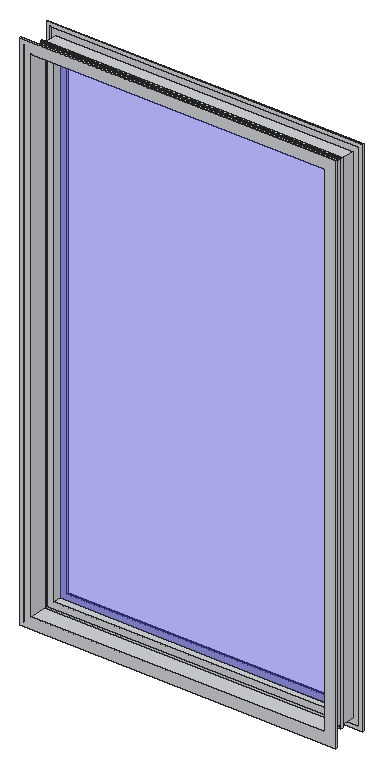
Revit family "1450_Fixed Single Horizontal Rail", category Windows, host Wall, Revit 2023
Family settings
  Host = Wall
  OmniClass Number = 23.30.20.00
  OmniClass Title = Windows
  Always vertical = Yes
  Cut with Voids When Loaded = No
  Shared = No
  Room Calculation Point = No
Parameters
  Height = 5' - 0"
  Glass Material = Glass
  Frame Material = none
  Depth From Exterior = 0' - 1"
  Default Sill Height = 3' - 0"
  Wall Closure = By host
  Width = 3' - 0"
Reference planes (in)
  plane 1 "Center (Front/Back)": y = 0
  plane 2: z = 0
  plane 3 "Center (Left/Right)": x = 0
  plane 4 "Left": x = -18
  plane 5 "Right": x = 18
  plane 6 "Sill": z = 36
  plane 7 "Top": z = 96
  plane 8: y = 3
  plane 9: y = 2
  plane 10: y = -0.001
  plane 11: y = 0.777
Forms (in)
  Sweep 1, solid
    path origin (0, 0, 0) x (1, 0, 0) y (0, 0, 1)
      loop
        line (18, 36) -> (18, 96) -> (-18, 96) -> (-18, 36) -> (18, 36)
    profile origin (0, 0, 36) x (0, 0, -1) y (0, -1, 0)
      loop
        line (0, -2) -> (0, -1.826) -> (-0.38089, -1.826) -> (-0.38089, -1.875) -> (-1.37517, -1.875) -> (-1.37517, -1.74219) -> (-1.06367, -1.74219) -> (-1.06367, -0.061) -> (-0.87, -0.061) -> (-0.87, 0.0905) -> (-0.932, 0.0905) -> (-0.932, 0.001) -> (-1.125, 0.001) -> (-1.125, 1.376) -> (-0.932, 1.376) -> (-0.932, 1.28589) -> (-0.87, 1.28589) -> (-0.87, 1.853) -> (-0.38089, 1.853) -> (-0.38089, 1.804) -> (0, 1.804) -> (0, 1.978) -> (-1.25, 1.978) -> (-1.25, 0.001) -> (-1.5, 0.001) -> (-1.5, -1.875) -> (-2.281, -1.875) -> (-2.281, -2) -> (0, -2)
  Sweep 2, solid
    path origin (0, 0, 0) x (1, 0, 0) y (0, 0, 1)
      loop
        line (-16.5, 37.5) -> (16.5, 37.5) -> (16.5, 94.5) -> (-16.5, 94.5) -> (-16.5, 37.5)
    profile origin (0, 0, 37.5) x (0, 0, 1) y (0, -1, 0)
      loop
        line (0.78093, 0.001) -> (0, 0.001) -> (0, -0.624) -> (0.35843, -0.624) -> (0.35843, -0.777) -> (0.78093, -0.777) -> (0.78093, 0.001)
  Sweep 3, solid, material "Glass" <- "Glass Material"
    path origin (0, 0, 0) x (0, 1, 0) y (0, 0, 1)
      loop
        line (1.875, 37.5) -> (1.875, 94.5)
    profile origin (0, 1.875, 66) x (0, -1, 0) y (1, 0, 0)
      loop
        line (0, -16.5) -> (0.25, -16.5) -> (0.25, 16.5) -> (0, 16.5) -> (0, -16.5)
      loop
        line (0.75, -16.5) -> (1, -16.5) -> (1, 16.5) -> (0.75, 16.5) -> (0.75, -16.5)
Lines and regions (in)
  Opening 1
    outline origin (-60, -3, 0) x (1, 0, 0) y (0, 0, 1)
      loop
        line (42, 96) -> (42, 36) -> (78, 36) -> (78, 96) -> (42, 96)
Text (in)
  text "EXTERIOR" at (-58.6888, 50.90694, 0), in view "Ref. Level"
  text "INTERIOR" at (-58.6888, -37.76638, 0), in view "Ref. Level"
  text "Exterior" at (0, 43.65631, 123.19604), in view "Left"
  text "Exterior" at (0, 18.29385, 125.04747), in view "Right"
Dimensions and locks (in)
  equal spacing: plane 4 "Left", plane 3 "Center (Left/Right)", plane 5 "Right"
  "Height": plane 6 "Sill" to plane 7 "Top"
  "Default Sill Height": plane 2 to plane 6 "Sill"
  "Depth From Exterior": plane 8 to plane 9
  "Width": plane 4 "Left" to plane 5 "Right"
  locked: plane 11 to plane 10 at 0.778
  locked: plane 9 to plane 10 at 2.001
  aligned and locked: plane 7 "Top" to Opening 1 sketch curve
  aligned and locked: plane 6 "Sill" to Opening 1 sketch curve  (x2)
  aligned and locked: plane 5 "Right" to Opening 1 sketch curve
  aligned and locked: plane 4 "Left" to Opening 1 sketch curve
  aligned and locked: level to plane 2
  aligned and locked: Sweep 1 sketch curve to plane 7 "Top"
  aligned and locked: plane 4 "Left" to Sweep 1 sketch curve
  aligned and locked: plane 6 "Sill" to Sweep 1 sketch curve
  aligned and locked: Sweep 1 sketch curve to plane 5 "Right"
  aligned and locked: Sweep 2 sketch curve to Sweep 1  (x4)
  aligned and locked: Sweep 3 sketch curve to Sweep 1  (x5)
  aligned and locked: plane 8 to host wall
  aligned and locked: plane 9 to Sweep 1
  aligned and locked: plane 10 to Sweep 2
  aligned and locked: plane 10 to Sweep 1
  aligned and locked: plane 11 to Sweep 2
Automatic sketch dimensions
  Sweep 1 sketch curve to plane 7 "Top" = 0' - 0"
  profile plane to Sweep 1 sketch curve = 0' - 2.281"
  Sweep 1 sketch curve to Sweep 1 sketch curve = 0' - 0.781"
  Sweep 1 sketch curve to Sweep 1 sketch curve = 0' - 0.12483"
  Sweep 1 sketch curve to Sweep 1 sketch curve = 0' - 0 1/4"
  Sweep 1 sketch curve to Sweep 1 sketch curve = 0' - 0 1/8"
  Sweep 1 sketch curve to Sweep 1 sketch curve = 0' - 0.3115"
  Sweep 1 sketch curve to Sweep 1 sketch curve = 0' - 0.13167"
  Sweep 1 sketch curve to Sweep 1 sketch curve = 0' - 0.193"
  Sweep 1 sketch curve to Sweep 1 sketch curve = 0' - 0.062"  (x3)
  Sweep 1 sketch curve to Sweep 1 sketch curve = 0' - 0.48911"
  Sweep 1 sketch curve to Sweep 1 sketch curve = 0' - 0.68279"
  Sweep 1 sketch curve to Sweep 1 sketch curve = 0' - 0.38089"  (x2)
  Sweep 1 sketch curve to plane 1 "Center (Front/Back)" = 0' - 1 7/8"
  Sweep 1 sketch curve to Sweep 1 sketch curve = 0' - 0"  (x2)
  Sweep 1 sketch curve to Sweep 1 sketch curve = 0' - 0.049"  (x2)
  Sweep 1 sketch curve to Sweep 1 sketch curve = 0' - 0 17/128"
  Sweep 1 sketch curve to Sweep 1 sketch curve = 0' - 1.68119"
  Sweep 1 sketch curve to Sweep 1 sketch curve = 0' - 0.0895"
  Sweep 1 sketch curve to Sweep 1 sketch curve = 0' - 1.19539"
  Sweep 1 sketch curve to Sweep 1 sketch curve = 0' - 0.09011"
  Sweep 1 sketch curve to Sweep 1 sketch curve = 0' - 0.51811"
  Sweep 1 sketch curve to Sweep 1 sketch curve = 0' - 0.174"  (x2)
  profile plane to Sweep 2 sketch curve = 0' - 0"
  Sweep 2 sketch curve to Sweep 2 sketch curve = 0' - 0.35843"
  Sweep 2 sketch curve to Sweep 2 sketch curve = 0' - 0.4225"
  Sweep 2 sketch curve to plane 1 "Center (Front/Back)" = 0' - 0.777"
  Sweep 2 sketch curve to Sweep 2 sketch curve = 0' - 0.153"
  Sweep 2 sketch curve to Sweep 2 sketch curve = 0' - 0 5/8"
  Sweep 3 sketch curve to plane 6 "Sill" = 0' - 1 1/2"
  plane 7 "Top" to Sweep 3 sketch curve = 0' - 1 1/2"
  profile plane to Sweep 3 sketch curve = 0' - 0"
  Sweep 3 sketch curve to Sweep 3 sketch curve = 0' - 0 1/4"  (x2)
  Sweep 3 sketch curve to Sweep 3 sketch curve = 0' - 0 3/4"
